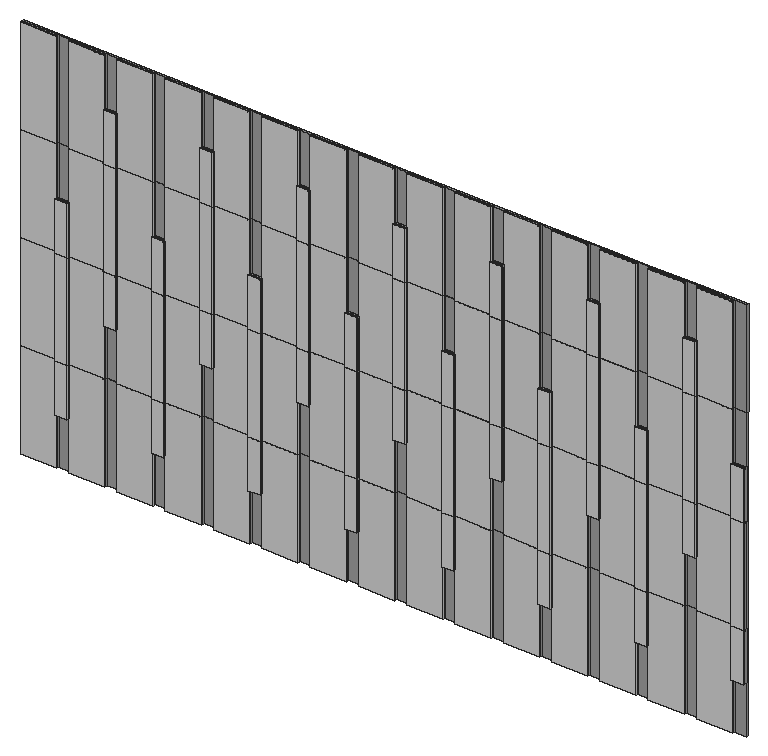
Revit family "SUR-STK-045_COURSIE_RFA", category Modelos genéricos, Revit 2022 (continued)
Forms (in)
  Extrusion 528, solid, not visible
    sketch origin (115.89167, -0.94488, 24) x (1, 0, 0) y (0, 0, 1)
      loop
        line (25.10833, 24) -> (25.10833, 12) -> (28.10833, 12) -> (28.10833, 24) -> (25.10833, 24)
    from -1.06299 to -0.59055
  Extrusion 529, solid, not visible
    sketch origin (132, 0, 24) x (1, 0, 0) y (0, 0, 1)
      loop
        line (0, 24) -> (0, 0) -> (9, 0) -> (9, 24) -> (0, 24)
    from -0.11811 to 0
  Extrusion 530, solid, not visible
    sketch origin (132, -1.41732, 24) x (1, 0, 0) y (0, 0, 1)
      loop
        line (9, 24) -> (9, 12) -> (12, 12) -> (12, 24) -> (9, 24)
    from -1.06299 to -0.94488
  Extrusion 531, solid, not visible
    sketch origin (132, 0, 48) x (1, 0, 0) y (0, 0, 1)
      loop
        line (0, 24) -> (0, 0) -> (12, 0) -> (12, 24) -> (0, 24)
    from -1.06299 to -0.59055
  Extrusion 532, solid, not visible
    sketch origin (132, -0.47244, 48) x (1, 0, 0) y (0, 0, 1)
      loop
        line (0, 24) -> (0, 0) -> (12, 0) -> (12, 24) -> (0, 24)
    from -1.06299 to -0.59055
  Extrusion 533, solid, not visible
    sketch origin (132, 0, 48) x (1, 0, 0) y (0, 0, 1)
      loop
        line (0, 24) -> (0, 0) -> (9, 0) -> (9, 24) -> (0, 24)
    from -0.11811 to 0
  Extrusion 534, solid, not visible
    sketch origin (115.89167, -0.94488, 48) x (1, 0, 0) y (0, 0, 1)
      loop
        line (25.10833, 24) -> (25.10833, 0) -> (28.10833, 0) -> (28.10833, 24) -> (25.10833, 24)
    from -1.06299 to -0.59055
  Extrusion 535, solid, not visible
    sketch origin (132, -1.41732, 48) x (1, 0, 0) y (0, 0, 1)
      loop
        line (9, 24) -> (9, 0) -> (12, 0) -> (12, 24) -> (9, 24)
    from -1.06299 to -0.94488
  Extrusion 536, solid, not visible
    sketch origin (132, 0, 72) x (1, 0, 0) y (0, 0, 1)
      loop
        line (0, 24) -> (0, 0) -> (12, 0) -> (12, 24) -> (0, 24)
    from -1.06299 to -0.59055
  Extrusion 537, solid, not visible
    sketch origin (132, -0.47244, 72) x (1, 0, 0) y (0, 0, 1)
      loop
        line (0, 24) -> (0, 0) -> (12, 0) -> (12, 12) -> (9, 12) -> (9, 24) -> (0, 24)
    from -1.06299 to -0.59055
  Extrusion 538, solid, not visible
    sketch origin (132, -0.94488, 72) x (1, 0, 0) y (0, 0, 1)
      loop
        line (9, 12) -> (9, 0) -> (12, 0) -> (12, 12) -> (9, 12)
    from -1.06299 to -0.59055
  Extrusion 539, solid, not visible
    sketch origin (132, 0, 72) x (1, 0, 0) y (0, 0, 1)
      loop
        line (0, 24) -> (0, 0) -> (9, 0) -> (9, 24) -> (0, 24)
    from -0.11811 to 0
  Extrusion 540, solid, not visible
    sketch origin (132, -1.41732, 72) x (1, 0, 0) y (0, 0, 1)
      loop
        line (9, 12) -> (9, 0) -> (12, 0) -> (12, 12) -> (9, 12)
    from -1.06299 to -0.94488
  Extrusion 541, solid, not visible
    sketch origin (144, 0, 0) x (1, 0, 0) y (0, 0, 1)
      loop
        line (0, 24) -> (0, 0) -> (12, 0) -> (12, 24) -> (0, 24)
    from -1.06299 to -0.59055
  Extrusion 542, solid, not visible
    sketch origin (144, -0.47244, 0) x (1, 0, 0) y (0, 0, 1)
      loop
        line (0, 24) -> (0, 0) -> (9, 0) -> (9, 12) -> (12, 12) -> (12, 24) -> (0, 24)
    from -1.06299 to -0.59055
  Extrusion 543, solid, not visible
    sketch origin (127.89167, -0.94488, 0) x (1, 0, 0) y (0, 0, 1)
      loop
        line (25.10833, 24) -> (25.10833, 12) -> (28.10833, 12) -> (28.10833, 24) -> (25.10833, 24)
    from -1.06299 to -0.59055
  Extrusion 544, solid, not visible
    sketch origin (144, 0, 0) x (1, 0, 0) y (0, 0, 1)
      loop
        line (0, 24) -> (0, 0) -> (9, 0) -> (9, 24) -> (0, 24)
    from -0.11811 to 0
  Extrusion 545, solid, not visible
    sketch origin (144, -1.41732, 0) x (1, 0, 0) y (0, 0, 1)
      loop
        line (9, 24) -> (9, 12) -> (12, 12) -> (12, 24) -> (9, 24)
    from -1.06299 to -0.94488
  Extrusion 546, solid, not visible
    sketch origin (144, 0, 24) x (1, 0, 0) y (0, 0, 1)
      loop
        line (0, 24) -> (0, 0) -> (12, 0) -> (12, 24) -> (0, 24)
    from -1.06299 to -0.59055
  Extrusion 547, solid, not visible
    sketch origin (144, -0.47244, 24) x (1, 0, 0) y (0, 0, 1)
      loop
        line (0, 24) -> (0, 0) -> (12, 0) -> (12, 24) -> (0, 24)
    from -1.06299 to -0.59055
  Extrusion 548, solid, not visible
    sketch origin (144, 0, 24) x (1, 0, 0) y (0, 0, 1)
      loop
        line (0, 24) -> (0, 0) -> (9, 0) -> (9, 24) -> (0, 24)
    from -0.11811 to 0
  Extrusion 549, solid, not visible
    sketch origin (127.89167, -0.94488, 24) x (1, 0, 0) y (0, 0, 1)
      loop
        line (25.10833, 24) -> (25.10833, 0) -> (28.10833, 0) -> (28.10833, 24) -> (25.10833, 24)
    from -1.06299 to -0.59055
  Extrusion 550, solid, not visible
    sketch origin (144, -1.41732, 24) x (1, 0, 0) y (0, 0, 1)
      loop
        line (9, 24) -> (9, 0) -> (12, 0) -> (12, 24) -> (9, 24)
    from -1.06299 to -0.94488
  Extrusion 551, solid, not visible
    sketch origin (144, 0, 48) x (1, 0, 0) y (0, 0, 1)
      loop
        line (0, 24) -> (0, 0) -> (12, 0) -> (12, 24) -> (0, 24)
    from -1.06299 to -0.59055
  Extrusion 552, solid, not visible
    sketch origin (144, -0.47244, 48) x (1, 0, 0) y (0, 0, 1)
      loop
        line (0, 24) -> (0, 0) -> (12, 0) -> (12, 12) -> (9, 12) -> (9, 24) -> (0, 24)
    from -1.06299 to -0.59055
  Extrusion 553, solid, not visible
    sketch origin (144, -0.94488, 48) x (1, 0, 0) y (0, 0, 1)
      loop
        line (9, 12) -> (9, 0) -> (12, 0) -> (12, 12) -> (9, 12)
    from -1.06299 to -0.59055
  Extrusion 554, solid, not visible
    sketch origin (144, 0, 48) x (1, 0, 0) y (0, 0, 1)
      loop
        line (0, 24) -> (0, 0) -> (9, 0) -> (9, 24) -> (0, 24)
    from -0.11811 to 0
  Extrusion 555, solid, not visible
    sketch origin (144, -1.41732, 48) x (1, 0, 0) y (0, 0, 1)
      loop
        line (9, 12) -> (9, 0) -> (12, 0) -> (12, 12) -> (9, 12)
    from -1.06299 to -0.94488
  Extrusion 556, solid, not visible
    sketch origin (144, 0, 72) x (1, 0, 0) y (0, 0, 1)
      loop
        line (0, 24) -> (0, 0) -> (12, 0) -> (12, 24) -> (0, 24)
    from -1.06299 to -0.59055
  Extrusion 557, solid, not visible
    sketch origin (144, 0, 72) x (1, 0, 0) y (0, 0, 1)
      loop
        line (0, 24) -> (0, 0) -> (9, 0) -> (9, 24) -> (0, 24)
    from -0.59055 to -0.11811
  Extrusion 558, solid, not visible
    sketch origin (144, 0, 72) x (1, 0, 0) y (0, 0, 1)
      loop
        line (0, 24) -> (0, 0) -> (9, 0) -> (9, 24) -> (0, 24)
    from -0.11811 to 0
  Extrusion 559, solid, not visible
    sketch origin (156, 0, 0) x (1, 0, 0) y (0, 0, 1)
      loop
        line (0, 24) -> (0, 0) -> (12, 0) -> (12, 24) -> (0, 24)
    from -1.06299 to -0.59055
  Extrusion 560, solid, not visible
    sketch origin (156, 0, 0) x (1, 0, 0) y (0, 0, 1)
      loop
        line (0, 24) -> (0, 0) -> (9, 0) -> (9, 24) -> (0, 24)
    from -0.59055 to -0.11811
  Extrusion 561, solid, not visible
    sketch origin (156, 0, 0) x (1, 0, 0) y (0, 0, 1)
      loop
        line (0, 24) -> (0, 0) -> (9, 0) -> (9, 24) -> (0, 24)
    from -0.11811 to 0
  Extrusion 562, solid, not visible
    sketch origin (156, 0, 24) x (1, 0, 0) y (0, 0, 1)
      loop
        line (0, 24) -> (0, 0) -> (12, 0) -> (12, 24) -> (0, 24)
    from -1.06299 to -0.59055
  Extrusion 563, solid, not visible
    sketch origin (156, -0.47244, 24) x (1, 0, 0) y (0, 0, 1)
      loop
        line (0, 24) -> (0, 0) -> (9, 0) -> (9, 12) -> (12, 12) -> (12, 24) -> (0, 24)
    from -1.06299 to -0.59055
  Extrusion 564, solid, not visible
    sketch origin (139.89167, -0.94488, 24) x (1, 0, 0) y (0, 0, 1)
      loop
        line (25.10833, 24) -> (25.10833, 12) -> (28.10833, 12) -> (28.10833, 24) -> (25.10833, 24)
    from -1.06299 to -0.59055
  Extrusion 565, solid, not visible
    sketch origin (156, 0, 24) x (1, 0, 0) y (0, 0, 1)
      loop
        line (0, 24) -> (0, 0) -> (9, 0) -> (9, 24) -> (0, 24)
    from -0.11811 to 0
  Extrusion 566, solid, not visible
    sketch origin (156, -1.41732, 24) x (1, 0, 0) y (0, 0, 1)
      loop
        line (9, 24) -> (9, 12) -> (12, 12) -> (12, 24) -> (9, 24)
    from -1.06299 to -0.94488
  Extrusion 567, solid, not visible
    sketch origin (156, 0, 48) x (1, 0, 0) y (0, 0, 1)
      loop
        line (0, 24) -> (0, 0) -> (12, 0) -> (12, 24) -> (0, 24)
    from -1.06299 to -0.59055
  Extrusion 568, solid, not visible
    sketch origin (156, -0.47244, 48) x (1, 0, 0) y (0, 0, 1)
      loop
        line (0, 24) -> (0, 0) -> (12, 0) -> (12, 24) -> (0, 24)
    from -1.06299 to -0.59055
  Extrusion 569, solid, not visible
    sketch origin (156, 0, 48) x (1, 0, 0) y (0, 0, 1)
      loop
        line (0, 24) -> (0, 0) -> (9, 0) -> (9, 24) -> (0, 24)
    from -0.11811 to 0
  Extrusion 570, solid, not visible
    sketch origin (139.89167, -0.94488, 48) x (1, 0, 0) y (0, 0, 1)
      loop
        line (25.10833, 24) -> (25.10833, 0) -> (28.10833, 0) -> (28.10833, 24) -> (25.10833, 24)
    from -1.06299 to -0.59055
  Extrusion 571, solid, not visible
    sketch origin (156, -1.41732, 48) x (1, 0, 0) y (0, 0, 1)
      loop
        line (9, 24) -> (9, 0) -> (12, 0) -> (12, 24) -> (9, 24)
    from -1.06299 to -0.94488
  Extrusion 572, solid, not visible
    sketch origin (156, 0, 72) x (1, 0, 0) y (0, 0, 1)
      loop
        line (0, 24) -> (0, 0) -> (12, 0) -> (12, 24) -> (0, 24)
    from -1.06299 to -0.59055
  Extrusion 573, solid, not visible
    sketch origin (156, -0.47244, 72) x (1, 0, 0) y (0, 0, 1)
      loop
        line (0, 24) -> (0, 0) -> (12, 0) -> (12, 12) -> (9, 12) -> (9, 24) -> (0, 24)
    from -1.06299 to -0.59055
  Extrusion 574, solid, not visible
    sketch origin (156, -0.94488, 72) x (1, 0, 0) y (0, 0, 1)
      loop
        line (9, 12) -> (9, 0) -> (12, 0) -> (12, 12) -> (9, 12)
    from -1.06299 to -0.59055
  Extrusion 575, solid, not visible
    sketch origin (156, 0, 72) x (1, 0, 0) y (0, 0, 1)
      loop
        line (0, 24) -> (0, 0) -> (9, 0) -> (9, 24) -> (0, 24)
    from -0.11811 to 0
  Extrusion 576, solid, not visible
    sketch origin (156, -1.41732, 72) x (1, 0, 0) y (0, 0, 1)
      loop
        line (9, 12) -> (9, 0) -> (12, 0) -> (12, 12) -> (9, 12)
    from -1.06299 to -0.94488
  Extrusion 577, solid, not visible
    sketch origin (168, 0, 0) x (1, 0, 0) y (0, 0, 1)
      loop
        line (0, 24) -> (0, 0) -> (12, 0) -> (12, 24) -> (0, 24)
    from -1.06299 to -0.59055
  Extrusion 578, solid, not visible
    sketch origin (168, -0.47244, 0) x (1, 0, 0) y (0, 0, 1)
      loop
        line (0, 24) -> (0, 0) -> (9, 0) -> (9, 12) -> (12, 12) -> (12, 24) -> (0, 24)
    from -1.06299 to -0.59055
  Extrusion 579, solid, not visible
    sketch origin (151.89167, -0.94488, 0) x (1, 0, 0) y (0, 0, 1)
      loop
        line (25.10833, 24) -> (25.10833, 12) -> (28.10833, 12) -> (28.10833, 24) -> (25.10833, 24)
    from -1.06299 to -0.59055
  Extrusion 580, solid, not visible
    sketch origin (168, 0, 0) x (1, 0, 0) y (0, 0, 1)
      loop
        line (0, 24) -> (0, 0) -> (9, 0) -> (9, 24) -> (0, 24)
    from -0.11811 to 0
  Extrusion 581, solid, not visible
    sketch origin (168, -1.41732, 0) x (1, 0, 0) y (0, 0, 1)
      loop
        line (9, 24) -> (9, 12) -> (12, 12) -> (12, 24) -> (9, 24)
    from -1.06299 to -0.94488
  Extrusion 582, solid, not visible
    sketch origin (168, 0, 24) x (1, 0, 0) y (0, 0, 1)
      loop
        line (0, 24) -> (0, 0) -> (12, 0) -> (12, 24) -> (0, 24)
    from -1.06299 to -0.59055
  Extrusion 583, solid, not visible
    sketch origin (168, -0.47244, 24) x (1, 0, 0) y (0, 0, 1)
      loop
        line (0, 24) -> (0, 0) -> (12, 0) -> (12, 24) -> (0, 24)
    from -1.06299 to -0.59055
  Extrusion 584, solid, not visible
    sketch origin (168, 0, 24) x (1, 0, 0) y (0, 0, 1)
      loop
        line (0, 24) -> (0, 0) -> (9, 0) -> (9, 24) -> (0, 24)
    from -0.11811 to 0
  Extrusion 585, solid, not visible
    sketch origin (151.89167, -0.94488, 24) x (1, 0, 0) y (0, 0, 1)
      loop
        line (25.10833, 24) -> (25.10833, 0) -> (28.10833, 0) -> (28.10833, 24) -> (25.10833, 24)
    from -1.06299 to -0.59055
  Extrusion 586, solid, not visible
    sketch origin (168, -1.41732, 24) x (1, 0, 0) y (0, 0, 1)
      loop
        line (9, 24) -> (9, 0) -> (12, 0) -> (12, 24) -> (9, 24)
    from -1.06299 to -0.94488
  Extrusion 587, solid, not visible
    sketch origin (168, 0, 48) x (1, 0, 0) y (0, 0, 1)
      loop
        line (0, 24) -> (0, 0) -> (12, 0) -> (12, 24) -> (0, 24)
    from -1.06299 to -0.59055
  Extrusion 588, solid, not visible
    sketch origin (168, -0.47244, 48) x (1, 0, 0) y (0, 0, 1)
      loop
        line (0, 24) -> (0, 0) -> (12, 0) -> (12, 12) -> (9, 12) -> (9, 24) -> (0, 24)
    from -1.06299 to -0.59055
  Extrusion 589, solid, not visible
    sketch origin (168, -0.94488, 48) x (1, 0, 0) y (0, 0, 1)
      loop
        line (9, 12) -> (9, 0) -> (12, 0) -> (12, 12) -> (9, 12)
    from -1.06299 to -0.59055
  Extrusion 590, solid, not visible
    sketch origin (168, 0, 48) x (1, 0, 0) y (0, 0, 1)
      loop
        line (0, 24) -> (0, 0) -> (9, 0) -> (9, 24) -> (0, 24)
    from -0.11811 to 0
  Extrusion 591, solid, not visible
    sketch origin (168, -1.41732, 48) x (1, 0, 0) y (0, 0, 1)
      loop
        line (9, 12) -> (9, 0) -> (12, 0) -> (12, 12) -> (9, 12)
    from -1.06299 to -0.94488
  Extrusion 592, solid, not visible
    sketch origin (168, 0, 72) x (1, 0, 0) y (0, 0, 1)
      loop
        line (0, 24) -> (0, 0) -> (12, 0) -> (12, 24) -> (0, 24)
    from -1.06299 to -0.59055
  Extrusion 593, solid, not visible
    sketch origin (168, 0, 72) x (1, 0, 0) y (0, 0, 1)
      loop
        line (0, 24) -> (0, 0) -> (9, 0) -> (9, 24) -> (0, 24)
    from -0.59055 to -0.11811
  Extrusion 594, solid, not visible
    sketch origin (168, 0, 72) x (1, 0, 0) y (0, 0, 1)
      loop
        line (0, 24) -> (0, 0) -> (9, 0) -> (9, 24) -> (0, 24)
    from -0.11811 to 0
Dimensions and locks (in)
  Extrusion 36 to Extrusion 53 to Extrusion 108 to Extrusion 125 to Extrusion 144 to Extrusion 161 to Extrusion 180 to Extrusion 197 to Extrusion 216 to Extrusion 233 to Extrusion 252 to Extrusion 269 to Extrusion 288 to Extrusion 305 to Extrusion 324 to Extrusion 322 = 12.00", 12.00", 12.00", 12.00", 12.00", 12.00", 12.00", 12.00", 12.00", 12.00", 12.00", 12.00", 12.00", 12.00", 12.00"
  Extrusion 36 to Extrusion 36 to Extrusion 32 to Extrusion 26 to Extrusion 4 = 24.00", 24.00", 24.00", 24.00"
  Extrusion 307 to Extrusion 4 = 180.00"
  aligned and locked: level to plane 2
